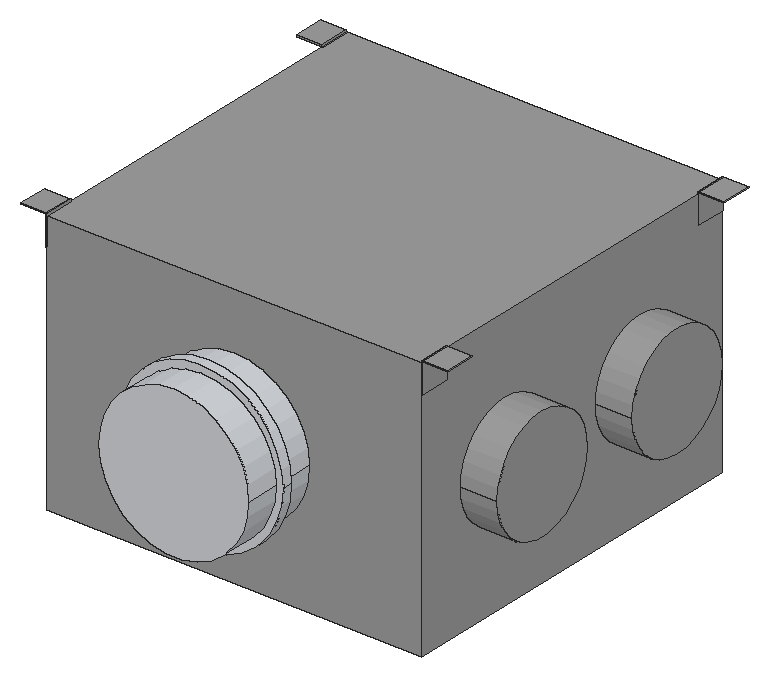
Revit family "SA_FASU(F4-150 200Φ)", category ダクト付属品, Revit 2020
Family settings
  丸型コネクタ寸法 = 直径を使用
  パーツ タイプ = ダンパー
  OmniClass 番号 = 23.75.00.00
  OmniClass タイトル = Climate Control (HVAC)
  作業面ベース = いいえ
  常に垂直 = はい
  ロード時にボイドで切り取り = いいえ
  共有 = いいえ
Parameters
  高さ = 350 mm
  風量 = 0.0 L/s
  符号 = "FASU"
  形式 = "F4-150 200φ"
  幅 [instance] = 500 mm
  奥行き = 500 mm
  大きさ = 200 mm
  呼称 = "FASUチャンバー"
  付属品_下端レベル [instance] = 0 mm
  マテリアル [instance] = 既定値
  ダクト_イン = 200 mm
  ダクト_アウト = 150 mm
  既定の高さ = 0 mm
Reference planes
  plane 1 "中心(正面/背面)": y = 0
  plane 2: z = 0
  plane 3 "中心(左/右)": x = 0
  plane 4: x = -250
  plane 5: x = 250
  plane 6: y = -500
  plane 7: z = 350
  plane 8: z = 175
  plane 9: z = 266.963
  plane 10: z = 86.159
  plane 11: x = -251
  plane 12: z = 313.122
  plane 13: z = 352.122
  plane 14: y = -250
Forms (mm)
  Extrusion 1, solid, material "既定値" <- "マテリアル"
    sketch origin (0, 0, 0) x (1, 0, 0) y (0, 1, 0)
      loop
        line (-250, 0) -> (-250, -500) -> (250, -500) -> (250, 0) -> (-250, 0)
    from 0 to 350
  Extrusion 2, solid, material "既定値" <- "マテリアル"
    sketch origin (0, -30, 0) x (0, 1, 0) y (0, 0, 1)
      loop
        circle (-332.5, 175) r 74.985
    from -300 to -250
  Extrusion 3, solid, material "既定値" <- "マテリアル"
    sketch origin (550, -30, 0) x (0, 1, 0) y (0, 0, 1)
      loop
        circle (-332.5, 175) r 74.985
    from -300 to -250
  Extrusion 4, solid, material "既定値" <- "マテリアル"
    sketch origin (0, -30, 0) x (1, 0, 0) y (0, 1, 0)
      loop
        line (-250, 30) -> (-251, 30) -> (-251, -10) -> (-250, -10) -> (-250, 30)
    from 313.122 to 350
  Extrusion 5, solid, material "既定値" <- "マテリアル"
    sketch origin (0, -30, 0) x (1, 0, 0) y (0, 1, 0)
      loop
        line (-285, 30) -> (-285, -10) -> (-251, -10) -> (-251, 30) -> (-285, 30)
    from 352.122 to 350
  Extrusion 6, solid, material "既定値" <- "マテリアル"
    sketch origin (0, -30, 0) x (-1, 0, 0) y (0, -1, 0)
      loop
        line (-250, -30) -> (-250, 10) -> (-251, 10) -> (-251, -30) -> (-250, -30)
    from 313.122 to 353.122
  Extrusion 7, solid, material "既定値" <- "マテリアル"
    sketch origin (0, -30, 0) x (-1, 0, 0) y (0, -1, 0)
      loop
        line (-285, -30) -> (-251, -30) -> (-251, 10) -> (-285, 10) -> (-285, -30)
    from 352.122 to 353.122
  Extrusion 8, solid, material "既定値" <- "マテリアル"
    sketch origin (0, -490, 0) x (1, 0, 0) y (0, 1, 0)
      loop
        line (-285, 30) -> (-285, -10) -> (-251, -10) -> (-251, 30) -> (-285, 30)
    from 352.122 to 353.122
  Extrusion 9, solid, material "既定値" <- "マテリアル"
    sketch origin (0, -490, 0) x (1, 0, 0) y (0, 1, 0)
      loop
        line (-250, 30) -> (-251, 30) -> (-251, -10) -> (-250, -10) -> (-250, 30)
    from 313.122 to 353.122
  Extrusion 10, solid, material "既定値" <- "マテリアル"
    sketch origin (0, -490, 0) x (-1, 0, 0) y (0, -1, 0)
      loop
        line (-285, -30) -> (-251, -30) -> (-251, 10) -> (-285, 10) -> (-285, -30)
    from 352.122 to 353.122
  Extrusion 11, solid, material "既定値" <- "マテリアル"
    sketch origin (0, -490, 0) x (-1, 0, 0) y (0, -1, 0)
      loop
        line (-250, -30) -> (-250, 10) -> (-251, 10) -> (-251, -30) -> (-250, -30)
    from 313.122 to 353.122
  Extrusion 12, solid, material "既定値" <- "マテリアル"
    sketch origin (550, -470, 0) x (0, -1, 0) y (0, 0, -1)
      loop
        circle (-332.5, -175) r 74.985
    from -300 to -250
  Extrusion 13, solid, material "既定値" <- "マテリアル"
    sketch origin (-550, -470, 0) x (0, -1, 0) y (0, 0, 1)
      loop
        circle (-332.5, 175) r 74.985
    from -300 to -250
  Extrusion 14, solid
    sketch origin (945.05, 0, 42.896) x (1, 0, 0) y (0, 0, 1)
      loop
        circle (-945.05, 132.104) r 100
    from 500 to 542.5
  Extrusion 15, solid
    sketch origin (945.05, -57.5, 42.896) x (1, 0, 0) y (0, 0, 1)
      loop
        circle (-945.05, 132.104) r 100
    from 497.907 to 542.5
  Extrusion 16, solid
    sketch origin (0, 0, 0) x (1, 0, 0) y (0, 0, 1)
      loop
        circle (0, 175) r 110
    from 542.5 to 555.407
Lines and regions (mm)
  model lines
    curve 1: line (-250, -30, 0) -> (250, -30, 0)
    curve 2: line (-250, -470, 0) -> (250, -470, 0)
Text (mm)
  text "FASU(F4-150 200Φ)" at (120.822, -450.782, 0), in view "参照レベル"
Dimensions and locks
  equal spacing: plane 4, plane 3 "中心(左/右)", plane 5
  "幅": plane 4 to plane 5
  "奥行き": plane 6 to plane 1 "中心(正面/背面)"
  "高さ": plane 7 to level
  equal spacing: plane 7, plane 8, level
  equal spacing: plane 6, plane 14, plane 1 "中心(正面/背面)"
  aligned and locked: level to plane 2
  aligned and locked: Extrusion 1 sketch curve to plane 5
  aligned and locked: plane 7 to Extrusion 1
  aligned and locked: plane 4 to Extrusion 2
  aligned and locked: Extrusion 3 to plane 5
  aligned and locked: Extrusion 4 sketch curve to Extrusion 1
  aligned and locked: plane 7 to Extrusion 4
  aligned and locked: Extrusion 5 sketch curve to Extrusion 4
  aligned and locked: Extrusion 4 to Extrusion 5 sketch curve
  aligned and locked: plane 7 to Extrusion 5
  aligned and locked: Extrusion 5 to plane 13
  aligned and locked: Extrusion 6 to Extrusion 7 sketch curve
  aligned and locked: Extrusion 7 sketch curve to Extrusion 6
  aligned and locked: Extrusion 1 to Extrusion 10
  aligned and locked: Extrusion 8 to Extrusion 1
  aligned and locked: Extrusion 9 to Extrusion 1
  aligned and locked: Extrusion 1 to Extrusion 11
  aligned and locked: Extrusion 11 to Extrusion 10
  aligned and locked: Extrusion 9 to Extrusion 8
  aligned and locked: plane 4 to Extrusion 9
  aligned and locked: Extrusion 11 to plane 5
  aligned and locked: plane 4 to curve 1
  aligned and locked: plane 5 to curve 1
  aligned and locked: plane 5 to curve 2
  aligned and locked: plane 4 to curve 2
  aligned and locked: Extrusion 1 to Extrusion 5
  aligned and locked: Extrusion 7 to Extrusion 1
  aligned and locked: Extrusion 6 to plane 5
  aligned and locked: Extrusion 1 to plane 6
  aligned and locked: Extrusion 1 to plane 1 "中心(正面/背面)"
  aligned and locked: Extrusion 12 to plane 5
  aligned and locked: plane 4 to Extrusion 13
  aligned and locked: plane 6 to Extrusion 14
  aligned and locked: Extrusion 14 to Extrusion 16
  aligned and locked: Extrusion 16 to Extrusion 15
Automatic sketch dimensions
  plane 6 to curve 2 = 30 mm
  plane 1 "中心(正面/背面)" to curve 1 = 30 mm
  Extrusion 1 sketch curve to plane 4 = 0 mm
  Extrusion 1 sketch curve to plane 6 = 0 mm
  plane 1 "中心(正面/背面)" to Extrusion 1 sketch curve = 0 mm
  Extrusion 2 sketch curve to plane 8 = 0 mm
  Extrusion 2 sketch curve to plane 14 = 112.5 mm
  Extrusion 3 sketch curve to plane 8 = 0 mm
  Extrusion 3 sketch curve to plane 14 = 112.5 mm
  plane 1 "中心(正面/背面)" to Extrusion 4 sketch curve = 0 mm
  Extrusion 4 sketch curve to plane 11 = 0 mm
  Extrusion 4 sketch curve to Extrusion 4 sketch curve = 40 mm
  plane 1 "中心(正面/背面)" to Extrusion 5 sketch curve = 0 mm
  Extrusion 5 sketch curve to Extrusion 5 sketch curve = 34 mm
  plane 1 "中心(正面/背面)" to Extrusion 6 sketch curve = 0 mm
  Extrusion 6 sketch curve to plane 5 = 0 mm
  Extrusion 6 sketch curve to Extrusion 6 sketch curve = 1 mm
  Extrusion 6 sketch curve to Extrusion 6 sketch curve = 40 mm
  plane 1 "中心(正面/背面)" to Extrusion 7 sketch curve = 0 mm
  Extrusion 7 sketch curve to Extrusion 7 sketch curve = 34 mm
  Extrusion 8 sketch curve to plane 6 = 0 mm
  Extrusion 8 sketch curve to plane 11 = 0 mm
  Extrusion 8 sketch curve to Extrusion 8 sketch curve = 34 mm
  plane 6 to Extrusion 8 sketch curve = 40 mm
  Extrusion 9 sketch curve to plane 11 = 0 mm
  Extrusion 9 sketch curve to plane 4 = 0 mm
  Extrusion 9 sketch curve to plane 6 = 0 mm
  plane 6 to Extrusion 9 sketch curve = 40 mm
  Extrusion 10 sketch curve to plane 6 = 0 mm
  Extrusion 10 sketch curve to plane 5 = 35 mm
  Extrusion 10 sketch curve to plane 5 = 1 mm
  Extrusion 10 sketch curve to plane 6 = 40 mm
  Extrusion 11 sketch curve to plane 6 = 0 mm
  Extrusion 11 sketch curve to plane 5 = 0 mm
  Extrusion 11 sketch curve to Extrusion 11 sketch curve = 1 mm
  Extrusion 11 sketch curve to plane 6 = 40 mm
  Extrusion 12 sketch curve to plane 8 = 0 mm
  plane 14 to Extrusion 12 sketch curve = 112.5 mm
  Extrusion 13 sketch curve to plane 8 = 0 mm
  plane 14 to Extrusion 13 sketch curve = 112.5 mm
  Extrusion 14 sketch curve to plane 3 "中心(左/右)" = 0 mm
  Extrusion 14 sketch curve to plane 8 = 0 mm
  Extrusion 15 sketch curve to plane 3 "中心(左/右)" = 0 mm
  plane 8 to Extrusion 15 sketch curve = 0 mm
  Extrusion 16 sketch curve to plane 3 "中心(左/右)" = 0 mm
  Extrusion 16 sketch curve to plane 8 = 0 mm
  radius of Extrusion 2 sketch curve = 74.985 mm
  radius of Extrusion 3 sketch curve = 74.985 mm
  radius of Extrusion 12 sketch curve = 74.985 mm
  radius of Extrusion 13 sketch curve = 74.985 mm
  radius of Extrusion 14 sketch curve = 100 mm
  radius of Extrusion 15 sketch curve = 100 mm
  radius of Extrusion 16 sketch curve = 110 mm
Connectors
  hvac at (-300, -362.5, 175), driven by "ダクト_アウト"
    settings: on Extrusion 2, index 1, duct flow 0.0 L/s, flow factor 0, pres drop 0.0 Pa, loss coef 0, conn angle 0.00°, conn width 304.8 mm, conn height 304.8 mm, conn diameter 150 mm, duct sys type 29, conn prof type 0, flow config 0, flow direction 2, loss method 0, conn ref index -1, conn util no, is conn primary yes, conn desc ""
  hvac at (-300, -137.5, 175), driven by "ダクト_アウト"
    settings: on Extrusion 13, index 2, duct flow 0.0 L/s, flow factor 0, pres drop 0.0 Pa, loss coef 0, conn angle 0.00°, conn width 304.8 mm, conn height 304.8 mm, conn diameter 150 mm, duct sys type 29, conn prof type 0, flow config 0, flow direction 2, loss method 0, conn ref index -1, conn util no, is conn primary no, conn desc ""
  hvac at (300, -362.5, 175), driven by "ダクト_アウト"
    settings: on Extrusion 3, index 3, duct flow 0.0 L/s, flow factor 0, pres drop 0.0 Pa, loss coef 0, conn angle 0.00°, conn width 304.8 mm, conn height 304.8 mm, conn diameter 150 mm, duct sys type 29, conn prof type 0, flow config 0, flow direction 2, loss method 0, conn ref index -1, conn util no, is conn primary no, conn desc ""
  hvac at (300, -137.5, 175), driven by "ダクト_アウト"
    settings: on Extrusion 12, index 4, duct flow 0.0 L/s, flow factor 0, pres drop 0.0 Pa, loss coef 0, conn angle 0.00°, conn width 304.8 mm, conn height 304.8 mm, conn diameter 150 mm, duct sys type 29, conn prof type 0, flow config 0, flow direction 2, loss method 0, conn ref index -1, conn util no, is conn primary no, conn desc ""
  hvac at (0, -600, 175)
    settings: on Extrusion 15, index 5, duct flow 0.0 L/s, flow factor 0, pres drop 0.0 Pa, loss coef 0, conn angle 0.00°, conn width 304.8 mm, conn height 304.8 mm, conn diameter 200 mm, duct sys type 29, conn prof type 0, flow config 0, flow direction 1, loss method 0, conn ref index -1, conn util no, is conn primary no, conn desc ""
